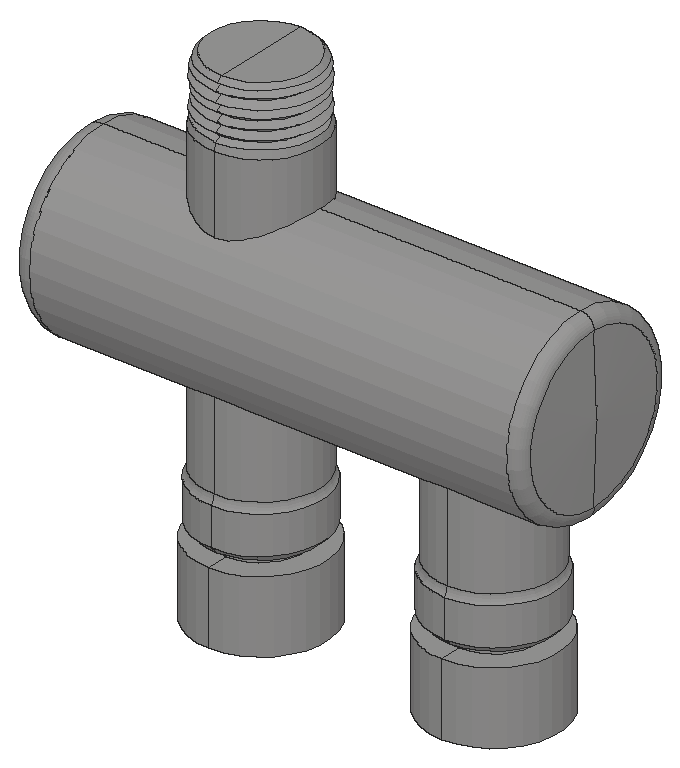
Revit family
Parameters
  WaterSupplyTemperatureMaximum = "55°C-85° (∆50°C : CW/HW)"
  WarrantyDurationUnit = "10 years"
  WarrantyDescription = "Any manufacturing defect"
  Version = "v1"
  SerialNumber = "3456330148207"
  Radius (out) = 8.3 mm
  ProductInformation = "http://www.delabie.com/products/732012"
  Operation = "Thermostatic mixing valve"
  NominalLength = 75 mm
  NominalHeight = 70 mm
  Name = "PREMIX NANO"
  ModelNumber = "732012"
  Material = Brass
  ManufacturerURL = "http://www.delabie.com"
  ManufacturerName = "DELABIE"
  IntegralAccessoryOptions = "Mixer, tap, valve"
  Grade = "ACS - BELGAQUA - PZH"
  FlowRate lps = "KV 0.12 lps"
  FlowRate lpm = "KV 7 lpm"
  Finish = Nickel-plated
  Features  = "Hot water thermostatic mixing valve for mixed water distribution:\r\nFor 1 to 2 tap or 1 shower.\r\nAnti-scalding safety: Automatic water shut-off in case of hot or cold water supply failure.\r\nTemperature pre-set at 38°C, can be adjusted by the installer from 34 - 60°C.\r\nNon-return valves and filters.\r\nKV 7 lpm\r\nMinimum flow rate for operation: 3 lpm.\r\nThermal shocks are possible.\r\nNickel-plated body, inlets F3/8\" and outlet M3/8\"."
  Description = "French manufacturer Delabie is a leader in the European sanitary ware market for non-domestic places. Water controls, solutions for disabled people, sanitary ware, for schools, leisure centres, offices, hospitals, airports…"
  URL = "http://www.delabie.com"
  Type Comments = "Thermostatic mixing valve "
  Radius (in) = 7.5 mm
  Model = "PREMIX NANO"
  Manufacturer = "DELABIE"
  Category = "Basin, shower"
  Assembly Code = ""
Reference planes
  plane 1 "Center (Front/Back)": y = 0
  plane 2: z = 0
  plane 3 "Center (Left/Right)": x = 0
Forms (mm)
  Revolve 1, solid, material "Nickelée"
    sketch origin (4.527, 0, 42.854) x (-1, 0, 0) y (0, 0, -1)
      loop
        arc (-44.473, 0) -> (-44.491, -5.79) -> (-44.093, -11.566) r 80.501
        arc (-44.093, -11.566) -> (-43.485, -12.937) -> (-42.094, -13.5) r 2
        line (-42.094, -13.5) -> (27.534, -13.5)
        arc (27.534, -13.5) -> (29.651, -12.623) -> (30.527, -10.507) r 2.993
        line (30.527, -10.507) -> (30.527, -6) -> (31.482, -6) -> (32.005, 0) -> (-44.473, 0)
      axis (-44.473, 0) -> (32.005, 0)
    angle from 0 to 360
  Revolve 2, solid, material "Nickelée"
    sketch origin (-0.001, 15.7, 42.854) x (0, 0, -1) y (0, -1, 0)
      loop
        line (-31, 22.948) -> (-31, 15.7) -> (0, 15.7) -> (0, 24.2) -> (-21.567, 24.2) -> (-22.696, 23.898) -> (-23.201, 22.95) -> (-23.959, 24.032) -> (-24.591, 22.847) -> (-25.284, 23.837) -> (-25.89, 22.7) -> (-26.694, 23.848) -> (-27.329, 22.656) -> (-27.969, 24.03) -> (-28.617, 22.815) -> (-29.378, 23.903) -> (-29.96, 22.812) -> (-30.334, 23.614) -> (-31, 22.948)
      axis (-31, 15.7) -> (0, 15.7)
    angle from 0 to 360
  Revolve 3, solid, material "Nickelée"
    sketch origin (0, 15.7, 42.854) x (0, 0, -1) y (0, -1, 0)
      loop
        line (34.857, 15.7) -> (34.857, 23.25) -> (36.32, 23.964) -> (36.709, 23.166) -> (37.514, 24.274) -> (38.028, 23.222) -> (38.852, 24.239) -> (39.658, 23.169) -> (40.205, 24.155) -> (40.924, 23.201) -> (41.475, 24.194) -> (41.883, 23.358) -> (42.854, 23.832) -> (42.854, 25.2) -> (32.357, 25.2) -> (32.357, 21.9) -> (31, 21.9) -> (31, 23.7) -> (30, 24.7) -> (24.494, 24.7)
        arc (24.494, 24.7) -> (23.879, 24.329) -> (23.172, 24.2) r 2
        line (23.172, 24.2) -> (0, 24.2) -> (0, 15.7) -> (34.857, 15.7)
      axis (0, 15.7) -> (42.854, 15.7)
    angle from 0 to 360
  Revolve 4, solid, material "Nickelée"
    sketch origin (33.999, 15.7, 42.854) x (0, 0, -1) y (0, -1, 0)
      loop
        line (34.857, 15.7) -> (34.857, 23.25) -> (36.32, 23.964) -> (36.709, 23.166) -> (37.514, 24.274) -> (38.028, 23.222) -> (38.852, 24.239) -> (39.658, 23.169) -> (40.205, 24.155) -> (40.924, 23.201) -> (41.475, 24.194) -> (41.883, 23.358) -> (42.854, 23.832) -> (42.854, 25.2) -> (32.357, 25.2) -> (32.357, 21.9) -> (31, 21.9) -> (31, 23.7) -> (30, 24.7) -> (24.494, 24.7)
        arc (24.494, 24.7) -> (23.879, 24.329) -> (23.172, 24.2) r 2
        line (23.172, 24.2) -> (0, 24.2) -> (0, 15.7) -> (34.857, 15.7)
      axis (0, 15.7) -> (42.854, 15.7)
    angle from 0 to 360
Connectors
  piping at (0, 0, 0), driven by "Radius (in)"
    settings: index 1, connector radius 7.5 mm, flow factor 0, pipe flow 0.0 L/s, pressure drop 0.0 Pa, fitting loss kfactor 0, connector angle 0.00°, fixture units 0, flow configuration 0, flow direction 1, fitting loss method 0, system type 19, connector reference index -1, connector utility 0, adjustable connector no, is connector primary yes, fitting loss table "", connector description "In - Hot water"
  piping at (33.999, 0, 0), driven by "Radius (in)"
    settings: index 2, connector radius 7.5 mm, flow factor 0, pipe flow 0.0 L/s, pressure drop 0.0 Pa, fitting loss kfactor 0, connector angle 0.00°, fixture units 0, flow configuration 0, flow direction 1, fitting loss method 0, system type 20, connector reference index -1, connector utility 0, adjustable connector no, is connector primary no, fitting loss table "", connector description "In - Cold water"
  piping at (-0.001, 0, 73.854), driven by "Radius (out)"
    settings: on Revolve 2, index 10, connector radius 8.3 mm, flow factor 0, pipe flow 0.12 L/s, pressure drop 0.0 Pa, fitting loss kfactor 0, connector angle 0.00°, fixture units 0, flow configuration 0, flow direction 2, fitting loss method 0, system type 20, connector reference index -1, connector utility 0, adjustable connector no, is connector primary no, fitting loss table "", connector description "Out - Mixed water"
